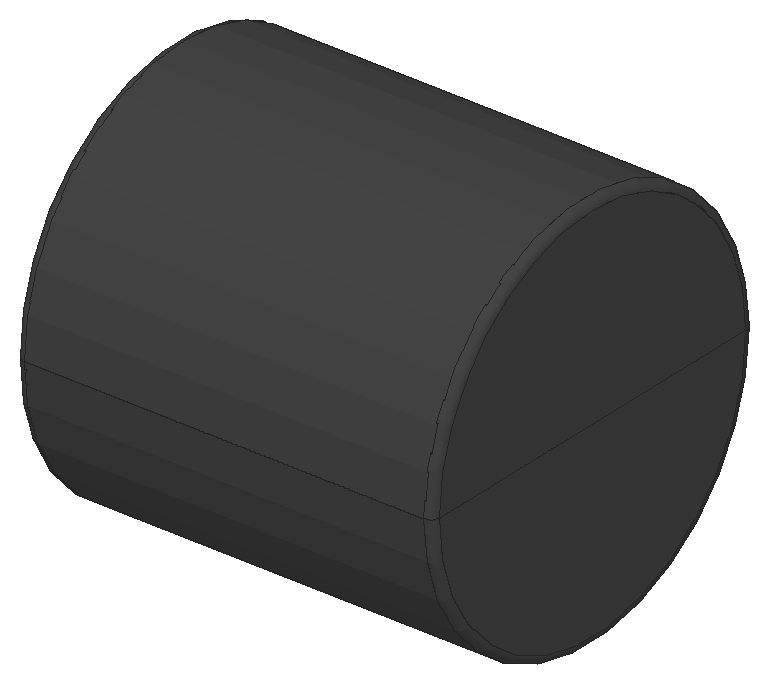
Revit family "BIMLIB_Напрессовочная_гильза_PEX_РОСТерм", category Соединительные детали трубопроводов, Revit 2017
Family settings
  Размер круглого соединителя = Использовать диаметр
  Тип детали = Соединение
  На основе рабочей плоскости = Нет
  Всегда вертикально = Да
  При загрузке вырезать с полостями = Нет
  Общий = Нет
Parameters
  РТ_D [instance] = size_lookup("Наименование", "РТ_D", 0 mm, РТ_DN)  # 23 mm
  Описание = "Напрессовочная гильза"  # constant formula
  K Coefficient = 0.25  # constant formula
  Изготовитель = "РОСТерм"  # constant formula
  URL = "http://rostherm.ru/"
  РТ_L [instance] = size_lookup("Наименование", "РТ_L", 0 mm, РТ_DN)  # 24 mm
  РТ_DN [instance] = 16 mm
  BL_Разработано = "support@bimlib.ru"  # constant formula
  BL_Email = "rostherm@bimlib.ru"
  BL_BIM library = "https://bimlib.pro/manufacturer/rosterm/1632/"
  ADSK_Расход жидкости [instance] = 0.0 L/s
  ADSK_Примечание = ""
  ADSK_Позиция = ""
  ADSK_Обозначение [instance] = "ГОСТ 32415-2013"  # constant formula
  ADSK_Наименование краткое [instance] = size_lookup("Наименование", "", "-", РТ_DN)  # "Напрессовочная гильза d16"
  ADSK_Наименование [instance] = size_lookup("Наименование", "", "-", РТ_DN)  # "Напрессовочная гильза d16"
  ADSK_Материал [instance] = BIMLIB_Черный_РОСТерм
  ADSK_Масса [instance] = 0.008  # constant formula
  ADSK_Марка [instance] = size_lookup("Артикул", "", "-", РТ_DN)  # "Fsle16x2.2"
  ADSK_Код изделия [instance] = size_lookup("Артикул", "", "-", РТ_DN)  # "Fsle16x2.2"
  ADSK_Завод-изготовитель = "РОСТерм"  # constant formula
  ADSK_Единица измерения = "шт"  # constant formula
  ADSK_Версия Revit = "2017"  # constant formula
  ADSK_URL страницы изделия = "http://rostherm.ru/pexb/"
  ADSK_URL документации изделия = "http://rostherm.ru/"
Reference planes
  plane 1 "По центру (Вперед/Назад)": y = 0
  plane 2: z = 0
  plane 3 "По центру (Влево/Вправо)": x = 0
  plane 4: x = -12
  plane 5: x = 12
  plane 6: y = 11.5
  plane 7: y = -11.5
  plane 8: x = -8.5
  plane 9: x = 8.5
Forms (mm)
  Revolve 1, solid, material "BIMLIB_Черный_РОСТерм" <- "ADSK_Материал", detail levels medium+fine
    sketch origin (0, 0, 0) x (1, 0, 0) y (0, 1, 0)
      loop
        arc (-11.5, 11.5) -> (-11.854, 11.354) -> (-12, 11) r 0.5
        line (-12, 11) -> (-12, 0) -> (12, 0) -> (12, 11)
        arc (12, 11) -> (11.854, 11.354) -> (11.5, 11.5) r 0.5
        line (11.5, 11.5) -> (-11.5, 11.5)
      axis (-12, 0) -> (12, 0)
    angle from 0 to 360
Lines and regions (mm)
  reference lines
    curve 1: line (-12, 0, 0) -> (12, 0, 0)
  model lines, detail levels coarse
    curve 2: line (-12, 0, 0) -> (12, 0, 0)
Dimensions and locks
  equal spacing: plane 4, plane 3 "По центру (Влево/Вправо)", plane 5
  "РТ_L": plane 4 to plane 5
  equal spacing: plane 6, plane 1 "По центру (Вперед/Назад)", plane 7
  "РТ_D": plane 6 to plane 7
  equal spacing: plane 8, plane 3 "По центру (Влево/Вправо)", plane 9
  plane 8 to plane 9 = 17 mm
  radius of Revolve 1 sketch curve = 0.5 mm  (x2)
  aligned and locked: level to plane 2
  aligned and locked: Revolve 1 sketch curve to plane 6
  aligned and locked: Revolve 1 sketch curve to plane 1 "По центру (Вперед/Назад)"
  aligned and locked: plane 1 "По центру (Вперед/Назад)" to Revolve 1 sketch curve
  aligned and locked: Revolve 1 sketch curve to plane 5
  aligned and locked: plane 4 to Revolve 1 sketch curve
  aligned and locked: plane 1 "По центру (Вперед/Назад)" to nested 1
  aligned and locked: plane 3 "По центру (Влево/Вправо)" to nested 1
  aligned and locked: plane 4 to curve 1
  aligned and locked: plane 5 to curve 1
  aligned and locked: plane 1 "По центру (Вперед/Назад)" to curve 1
  aligned and locked: plane 4 to curve 2
  aligned and locked: plane 5 to curve 2
Automatic sketch dimensions
  plane 1 "По центру (Вперед/Назад)" to curve 2 = 0 mm
  plane 1 "По центру (Вперед/Назад)" to Revolve 1 sketch curve = 0 mm
  Revolve 1 sketch curve to plane 4 = 0 mm
  Revolve 1 sketch curve to plane 5 = 0 mm
Nested families
  nested 1: "УГО_Муфта" at (0, 0, 0), Высота_ном <- "РТ_D", Длина_ном <- "РТ_L", type "УГО_Муфта", detail levels coarse
    with УГО no, Переключатель УГО yes, Длина_ном 24 mm, Высота_ном 23 mm
Connectors
  piping at (-12, 0, 0), diameter 16, driven by "РТ_DN", driven by "ADSK_Расход жидкости"
    settings: on curve 1, index 1, connector inside diameter 609.6 mm, connector length 0 mm, flow factor 0, pipe flow 0.0 L/s, pressure drop 0.0 Pa, fitting loss kfactor 0, connector angle 0.00°, fixture units 0, engagement length 0 mm, angle of deflection 0.00°, flow configuration 0, flow direction 0, fitting loss method 4, system type 28, joint type 0, gender type 0, connector reference index 2, connector utility 0, adjustable connector yes, is connector primary yes, connector description ""
  piping at (12, 0, 0), diameter 16, driven by "РТ_DN", driven by "ADSK_Расход жидкости"
    settings: on curve 1, index 2, connector inside diameter 609.6 mm, connector length 0 mm, flow factor 0, pipe flow 0.0 L/s, pressure drop 0.0 Pa, fitting loss kfactor 0, connector angle 0.00°, fixture units 0, engagement length 0 mm, angle of deflection 0.00°, flow configuration 0, flow direction 0, fitting loss method 4, system type 28, joint type 0, gender type 0, connector reference index 1, connector utility 0, adjustable connector yes, is connector primary no, connector description ""
Definition of nested family "УГО_Муфта"
  Parameters (values of type "УГО_Муфта")
    УГО [instance] = not(Переключатель УГО)  # yes
    Переключатель УГО [instance] = no
    Длина_ном [instance] = 70 mm
    Высота_ном [instance] = 40 mm
  Reference planes
    plane 1 "По центру (Вперед/Назад)": y = 0
    plane 2: z = 0
    plane 3 "По центру (Влево/Вправо)": x = 0
    plane 4: z = 20
    plane 5: z = -20
    plane 6: x = -35
    plane 7: x = 35
    plane 8: y = 20
    plane 9: y = -20
  Lines and regions (mm)
    model lines, visible <- "УГО"
      curve 1: line (-35, 20, 0) -> (35, 20, 0)
      curve 2: line (-35, -20, 0) -> (35, -20, 0)
    symbolic lines
      curve 3: line (-35, 20, 0) -> (35, 20, 0)
      curve 4: line (-35, -20, 0) -> (35, -20, 0)
    model lines, visible <- "Переключатель УГО"
      curve 5: line (-35, 0, -20) -> (35, 0, -20)
      curve 6: line (-35, 0, 20) -> (35, 0, 20)
  Dimensions and locks
    equal spacing: plane 4, plane 2, plane 5
    "Высота_ном": plane 4 to plane 5
    equal spacing: plane 6, plane 3 "По центру (Влево/Вправо)", plane 7
    equal spacing: plane 8, plane 1 "По центру (Вперед/Назад)", plane 9
    "Длина_ном": plane 6 to plane 7
    "Высота_ном": plane 8 to plane 9
    aligned and locked: level to plane 2
    aligned and locked: plane 9 to curve 2
    aligned and locked: plane 8 to curve 3
    aligned and locked: plane 6 to curve 4
    aligned and locked: plane 6 to curve 3
    aligned and locked: plane 7 to curve 6
    aligned and locked: plane 7 to curve 1
    aligned and locked: plane 6 to curve 6
    aligned and locked: plane 7 to curve 4
    aligned and locked: plane 7 to curve 3
    aligned and locked: curve 5 to plane 5
    aligned and locked: plane 7 to curve 5
    aligned and locked: curve 6 to plane 4
  Automatic sketch dimensions
    curve 5 to plane 6 = 0 mm
